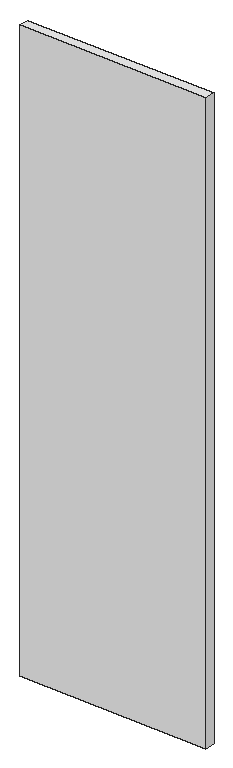
Revit family "Porta_Correr", category Doors, host Wall, Revit 2025
Family settings
  Host = Wall
  OmniClass Number = 23.30.10.00
  OmniClass Title = Doors
  Always vertical = Yes
  Cut with Voids When Loaded = No
  Shared = No
  Room Calculation Point = Yes
Parameters (values of type "POR_060x210_CRR_BOX")
  Thickness = 0.00 mm
  Function = Interior
  Door Material = none
  Frame Material = CT_Porta
  Height = 2100.00 mm
  Trim Projection Ext = 25.00 mm
  Trim Projection Int = 25.00 mm
  Trim Width = 66.00 mm
  Wall Closure = By host
  Width = 600.00 mm
  Define Thermal Properties by = Schematic Type
  Analytic Construction = "<None>"
Types (10, lengths in mm): name | Thickness | Width
  POR_060x210_CRR_BOX | 0.00 | 600.00
  POR_100x210_CRR_ELV | 51.00 | 1000.00
  POR_250x210_CRR | 51.00 | 2500.00
  POR_165x210_CRR | 51.00 | 1650.00
  POR_140x210_CRR | 51.00 | 1400.00
  POR_120x210_CRR | 51.00 | 1200.00
  POR_080x210_CRR | 0.00 | 800.00
  POR_060x210_CRR | 0.00 | 600.00
  POR_070x210_CRR | 0.00 | 700.00
  POR_090x210_CRR | 51.00 | 900.00
Reference planes
  plane 1: y = 0
  plane 2: z = 0
  plane 3: x = 0
  plane 4: x = -300
  plane 5: x = 300
  plane 6: z = 2100
Forms (mm)
  Extrusion 1, solid, material "CT_Porta"
    sketch origin (0, 0, 0) x (1, 0, 0) y (0, 1, 0)
      loop
        line (-335, -76.2) -> (-335, -111.2) -> (334.391, -111.2) -> (334.391, -76.2) -> (-335, -76.2)
    from 0 to 2100
Lines and regions (mm)
  Opening 1
    outline origin (-1524, -76.2, 3657.6) x (0, 0, -1) y (1, 0, 0)
      loop
        line (1557.6, 1224) -> (3657.6, 1224) -> (3657.6, 1824) -> (1557.6, 1824) -> (1557.6, 1224)
Dimensions and locks
  equal spacing: plane 4, plane 3, plane 5
  "Width": plane 4 to plane 5
  "Height": plane 6 to plane 2
  locked: Extrusion 1 to Extrusion 1 at 35
  aligned and locked: Extrusion 1 to host wall
  aligned and locked: Extrusion 1 to plane 6
  aligned and locked: Extrusion 1 to level
Automatic sketch dimensions
  Opening 1 sketch curve to plane 6 = 0.00 mm
  Opening 1 sketch curve to level = 0.00 mm
  Opening 1 sketch curve to plane 4 = 0.00 mm
  Opening 1 sketch curve to plane 5 = 0.00 mm
  plane 4 to Extrusion 1 sketch curve = 35.00 mm
  Extrusion 1 sketch curve to plane 5 = 34.391 mm
  host wall to Extrusion 1 sketch curve = 35.00 mm
  Extrusion 1 sketch curve to Extrusion 1 sketch curve = 35.00 mm
